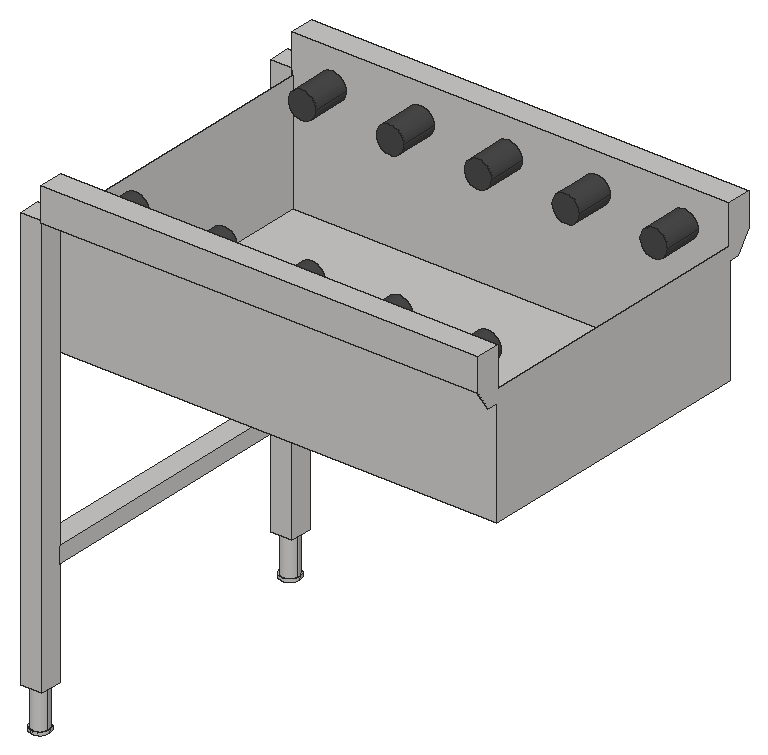
Revit family "QF_ELECTROLUXPROFESSIONAL_865210_HSSRDB8", category Specialty Equipment, Revit 2018
Family settings
  Round Connector Dimension = Use Diameter
  Part Type = Normal
  Work Plane-Based = No
  Always vertical = Yes
  Cut with Voids When Loaded = No
  Shared = No
  Room Calculation Point = No
Parameters
  Weight = 0.00 kg
  Watts = 0 W
  Volts = 0 V
  URL Manufacturer = "http://professional.electrolux.com/"
  URL = "http://professional.electrolux.com/"
  Steam Supply Size = 0 mm
  Steam Supply Minimum Pressure = 0.0 Pa
  Steam Supply Maximum Pressure = 0.0 Pa
  Steam Pounds per Hour = 0
  Refrigeration Suction Line Size = 0 mm
  Refrigeration Liquid Line Size = 0 mm
  Refrigerant Compressor Remote = yes
  Manufacturer = "Electrolux"
  Phase = 0
  Model = "HSSRDB8"
  Length Actual = 800 mm  # constant formula
  Item Number = "865210"
  Hot Water Size = 0 mm
  Height Actual = 910 mm  # constant formula
  HP = "0 HP"
  Gas Size = 0 mm
  Gas KW = 0
  Gas Input Pressure = 0 W
  Description = "SHORT ROLLER CONVEYOR WITH DEEP BASIN, L=800MM"
  Depth Actual = 620 mm  # constant formula
  Cycle = 0 Hz
  Condensate Return Size = 0 mm
  Compressed Air Volume = 0.0 L/s
  Compressed Air Size = 0 mm
  Compressed Air Pressure = 0.0 Pa
  Cold Water Size = 0 mm
  Accessory = yes
Reference planes
  plane 1 "Centro (Fronte/Retro)": y = 74.737
  plane 2: z = 0
  plane 3 "LEFT": x = -1038.761
  plane 4 "BACK": y = 384.737
  plane 5 "FRONT": y = -235.263
  plane 6: z = 910
  plane 7 "RIGHT": x = -238.761
Forms (mm)
  Extrusion 1, solid, material "QF_Finishes_Stainless Steel"
    sketch origin (0, 74.737, 0) x (1, 0, 0) y (0, 0, 1)
      loop
        line (-1079.929, 300) -> (-1079.929, 270) -> (-1039.929, 270) -> (-1039.929, 300) -> (-1079.929, 300)
    from -266.504 to 266.46
  Extrusion 2, solid, material "QF_Finishes_Stainless Steel"
    sketch origin (11.239, 0, 0) x (0, 1, 0) y (0, 0, 1)
      loop
        line (-235.263, 910) -> (-235.263, 850.033) -> (-190.242, 850.033) -> (-190.242, 910) -> (-235.263, 910)
      loop
        line (384.737, 910) -> (339.716, 910) -> (339.716, 850.033) -> (384.737, 850.033) -> (384.737, 910)
    from -1048.8 to -251.2
  Extrusion 3, solid, material "QF_Finishes_Stainless Steel"
    sketch origin (11.239, 0, 0) x (0, 1, 0) y (0, 0, 1)
      loop
        line (-191.727, 850.033) -> (-191.727, 618.033) -> (341.245, 618.033) -> (341.245, 850.033) -> (339.716, 850.033) -> (339.716, 621.033) -> (-190.242, 621.033) -> (-190.242, 850.033) -> (-191.727, 850.033)
    from -1048.8 to -251.2
  Extrusion 4, solid, material "QF_Finishes_Stainless Steel"
    sketch origin (1061.239, 723.253, 4000) x (0, 1, 0) y (0, 0, 1)
      loop
        line (-958.516, -3090) -> (-958.516, -3149.967) -> (-934.752, -3185.632) -> (-914.981, -3185.632) -> (-914.981, -3381.967) -> (-382.009, -3381.967) -> (-382.009, -3185.632) -> (-362.281, -3185.632) -> (-338.516, -3149.967) -> (-338.516, -3090) -> (-383.538, -3090) -> (-383.538, -3161.926) -> (-913.495, -3161.926) -> (-913.495, -3090) -> (-958.516, -3090)
    from -1300 to -1301.2
  Revolve 5, solid, material "QF_Finishes_Stainless Steel"
    sketch origin (-638.761, 0, 0) x (0, 1, 0) y (0, 0, 1)
      loop
        line (74.737, 618.033) -> (-1.756, 618.033) -> (-1.756, 601.823) -> (0.354, 601.823)
        arc (0.354, 601.823) -> (3.64, 597.973) -> (0.351, 594.125) r 3.897
        line (0.351, 594.125) -> (-1.756, 594.125) -> (-1.756, 551.31)
        arc (-1.756, 551.31) -> (8.91, 520.632) -> (36.296, 503.17) r 49.497
        line (36.296, 503.17) -> (36.296, 500.684) -> (37.487, 497.398) -> (51.25, 491.407) -> (51.25, 455.535) -> (52.727, 454.059) -> (74.737, 454.059) -> (74.737, 618.033)
      axis (74.737, 454.059) -> (74.737, 618.033)
    angle from 0 to 360
  Extrusion 6, solid, material "QF_Finishes_Stainless Steel"
    sketch origin (-537.561, 723.253, 4000) x (0, 1, 0) y (0, 0, 1)
      loop
        line (-958.516, -3090) -> (-958.516, -3149.967) -> (-914.981, -3149.967) -> (-914.981, -3381.967) -> (-382.009, -3381.967) -> (-382.009, -3149.967) -> (-338.516, -3149.967) -> (-338.516, -3090) -> (-383.538, -3090) -> (-383.538, -3161.926) -> (-913.495, -3161.926) -> (-913.495, -3090) -> (-958.516, -3090)
    from -500 to -501.2
  Extrusion 7, solid, material "QF_Finishes_Black"
    sketch origin (0, 74.737, 0) x (1, 0, 0) y (0, 0, -1)
      loop
        circle (-961.28, -850.115) r 25
      loop
        circle (-799.994, -850.115) r 25
      loop
        circle (-638.761, -850.115) r 25
      loop
        circle (-477.528, -850.115) r 25
      loop
        circle (-316.242, -850.115) r 25
    from 190.58 to 260.534
  Extrusion 8, solid, material "QF_Finishes_Black"
    sketch origin (0, 74.737, 0) x (1, 0, 0) y (0, 0, 1)
      loop
        circle (-961.28, 850.115) r 25
      loop
        circle (-799.994, 850.115) r 25
      loop
        circle (-638.761, 850.115) r 25
      loop
        circle (-477.528, 850.115) r 25
      loop
        circle (-316.242, 850.115) r 25
    from 190.58 to 260.534
Cuts and joins
  joined: Extrusion 2, Extrusion 3, Extrusion 4, Revolve 5, Extrusion 6
Lines and regions (mm)
  Split face 1
    outline origin (408.239, 339.716, 621.033) x (-1, 0, 0) y (0, -1, 0)
      loop
        circle (1047, 264.904) r 3.016
  Split face 2
    outline origin (408.239, 339.716, 621.033) x (-1, 0, 0) y (0, -1, 0)
      loop
        circle (1047, 264.904) r 52.991
  Split face 3
    outline origin (408.239, 339.716, 621.033) x (-1, 0, 0) y (0, -1, 0)
      loop
        circle (1047, 264.904) r 36.015
  Split face 4
    outline origin (408.239, 339.716, 621.033) x (-1, 0, 0) y (0, -1, 0)
      loop
        circle (1047, 264.904) r 26.027
  Split face 5
    outline origin (408.239, 339.716, 621.033) x (-1, 0, 0) y (0, -1, 0)
      loop
        circle (1047, 264.904) r 9.056
  Masking region 1
    outline origin (0, 0, 0) x (1, 0, 0) y (0, 1, 0)
      loop
        line (-1038.761, 384.737) -> (-1038.761, -235.263) -> (-238.761, -235.263) -> (-238.761, 384.737) -> (-1038.761, 384.737)
  symbolic lines
    curve 1: line (-238.761, 384.737, 0) -> (-1038.761, 384.737, 0)
    curve 2: line (-1038.761, 384.737, 0) -> (-1038.761, -235.263, 0)
    curve 3: line (-1038.761, 339.716, 0) -> (-238.761, 339.716, 0)
    curve 4: line (-1038.761, -235.263, 0) -> (-238.761, -235.263, 0)
    curve 5: line (-238.761, -235.263, 0) -> (-238.761, 384.737, 0)
    curve 6: line (-238.761, -190.242, 0) -> (-1038.761, -190.242, 0)
    curve 7: line (-936.28, 335.271, 0) -> (-986.28, 335.271, 0)
    curve 8: line (-986.28, 335.271, 0) -> (-986.28, 265.317, 0)
    curve 9: line (-986.28, 265.317, 0) -> (-936.28, 265.317, 0)
    curve 10: line (-936.28, 265.317, 0) -> (-936.28, 335.271, 0)
    curve 11: line (-774.994, 335.271, 0) -> (-824.994, 335.271, 0)
    curve 12: line (-824.994, 335.271, 0) -> (-824.994, 265.317, 0)
    curve 13: line (-824.994, 265.317, 0) -> (-774.994, 265.317, 0)
    curve 14: line (-774.994, 265.317, 0) -> (-774.994, 335.271, 0)
    curve 15: line (-613.761, 335.271, 0) -> (-663.761, 335.271, 0)
    curve 16: line (-663.761, 335.271, 0) -> (-663.761, 265.317, 0)
    curve 17: line (-663.761, 265.317, 0) -> (-613.761, 265.317, 0)
    curve 18: line (-613.761, 265.317, 0) -> (-613.761, 335.271, 0)
    curve 19: line (-452.528, 335.271, 0) -> (-502.528, 335.271, 0)
    curve 20: line (-502.528, 335.271, 0) -> (-502.528, 265.317, 0)
    curve 21: line (-502.528, 265.317, 0) -> (-452.528, 265.317, 0)
    curve 22: line (-452.528, 265.317, 0) -> (-452.528, 335.271, 0)
    curve 23: line (-291.242, 335.271, 0) -> (-341.242, 335.271, 0)
    curve 24: line (-341.242, 335.271, 0) -> (-341.242, 265.317, 0)
    curve 25: line (-341.242, 265.317, 0) -> (-291.242, 265.317, 0)
    curve 26: line (-291.242, 265.317, 0) -> (-291.242, 335.271, 0)
    curve 27: line (-936.28, -185.797, 0) -> (-986.28, -185.797, 0)
    curve 28: line (-986.28, -185.797, 0) -> (-986.28, -115.842, 0)
    curve 29: line (-986.28, -115.842, 0) -> (-936.28, -115.842, 0)
    curve 30: line (-936.28, -115.842, 0) -> (-936.28, -185.797, 0)
    curve 31: line (-774.994, -185.797, 0) -> (-824.994, -185.797, 0)
    curve 32: line (-824.994, -185.797, 0) -> (-824.994, -115.842, 0)
    curve 33: line (-824.994, -115.842, 0) -> (-774.994, -115.842, 0)
    curve 34: line (-774.994, -115.842, 0) -> (-774.994, -185.797, 0)
    curve 35: line (-613.761, -185.797, 0) -> (-663.761, -185.797, 0)
    curve 36: line (-663.761, -185.797, 0) -> (-663.761, -115.842, 0)
    curve 37: line (-663.761, -115.842, 0) -> (-613.761, -115.842, 0)
    curve 38: line (-613.761, -115.842, 0) -> (-613.761, -185.797, 0)
    curve 39: line (-452.528, -185.797, 0) -> (-502.528, -185.797, 0)
    curve 40: line (-502.528, -185.797, 0) -> (-502.528, -115.842, 0)
    curve 41: line (-502.528, -115.842, 0) -> (-452.528, -115.842, 0)
    curve 42: line (-452.528, -115.842, 0) -> (-452.528, -185.797, 0)
    curve 43: line (-291.242, -185.797, 0) -> (-341.242, -185.797, 0)
    curve 44: line (-341.242, -185.797, 0) -> (-341.242, -115.842, 0)
    curve 45: line (-341.242, -115.842, 0) -> (-291.242, -115.842, 0)
    curve 46: line (-291.242, -115.842, 0) -> (-291.242, -185.797, 0)
    curve 47: line (-238.761, 74.737, 0) -> (-268.761, 74.737, 0)
    curve 48: line (-1038.761, 74.737, 0) -> (-1008.761, 74.737, 0)
    curve 49: arc (-638.761, 151.231, 0) -> (-562.267, 74.737, 0) -> (-638.761, -1.756, 0) r 76.494
    curve 50: arc (-638.761, -1.756, 0) -> (-715.254, 74.737, 0) -> (-638.761, 151.231, 0) r 76.494
    curve 51: arc (-638.761, 96.747, 0) -> (-660.771, 74.737, 0) -> (-638.761, 52.727, 0) r 22.01
    curve 52: arc (-638.761, 52.727, 0) -> (-616.751, 74.737, 0) -> (-638.761, 96.747, 0) r 22.01
Dimensions and locks
  plane 3 "LEFT" to plane 7 "RIGHT" = 800 mm
  equal spacing: plane 4 "BACK", plane 1 "Centro (Fronte/Retro)", plane 5 "FRONT"
  plane 4 "BACK" to plane 5 "FRONT" = 620 mm
  aligned and locked: level to plane 2
Automatic sketch dimensions
  Extrusion 1 sketch curve to plane 3 "LEFT" = 41.168 mm
  Extrusion 1 sketch curve to plane 3 "LEFT" = 1.168 mm
  level to Extrusion 1 sketch curve = 270 mm
  Extrusion 1 sketch curve to Extrusion 1 sketch curve = 30 mm
  Extrusion 2 sketch curve to plane 5 "FRONT" = 0 mm
  Extrusion 2 sketch curve to plane 6 = 0 mm  (x2)
  Extrusion 2 sketch curve to plane 4 "BACK" = 0 mm
  plane 5 "FRONT" to Extrusion 2 sketch curve = 45.021 mm
  Extrusion 2 sketch curve to plane 4 "BACK" = 45.021 mm
  Extrusion 2 sketch curve to Extrusion 2 sketch curve = 59.967 mm  (x2)
  plane 5 "FRONT" to Extrusion 3 sketch curve = 43.536 mm
  Extrusion 3 sketch curve to Extrusion 3 sketch curve = 1.486 mm
  Extrusion 3 sketch curve to plane 4 "BACK" = 45.021 mm
  Extrusion 3 sketch curve to Extrusion 3 sketch curve = 1.529 mm
  Extrusion 3 sketch curve to plane 6 = 291.967 mm
  Extrusion 3 sketch curve to Extrusion 3 sketch curve = 3 mm
  Extrusion 3 sketch curve to plane 6 = 59.967 mm  (x2)
  Extrusion 4 sketch curve to plane 5 "FRONT" = 0 mm
  Extrusion 4 sketch curve to plane 6 = 0 mm  (x2)
  Extrusion 4 sketch curve to plane 4 "BACK" = 0 mm
  plane 5 "FRONT" to Extrusion 4 sketch curve = 23.764 mm
  plane 5 "FRONT" to Extrusion 4 sketch curve = 43.536 mm
  plane 5 "FRONT" to Extrusion 4 sketch curve = 45.021 mm
  Extrusion 4 sketch curve to plane 4 "BACK" = 45.021 mm
  Extrusion 4 sketch curve to plane 4 "BACK" = 43.492 mm
  Extrusion 4 sketch curve to Extrusion 4 sketch curve = 19.728 mm
  Extrusion 4 sketch curve to Extrusion 4 sketch curve = 59.967 mm  (x2)
  Extrusion 4 sketch curve to Extrusion 4 sketch curve = 11.959 mm
  Extrusion 4 sketch curve to Extrusion 4 sketch curve = 23.706 mm  (x2)
  Extrusion 4 sketch curve to Extrusion 4 sketch curve = 196.335 mm
  Revolve 5 sketch curve to plane 1 "Centro (Fronte/Retro)" = 0 mm  (x2)
  plane 1 "Centro (Fronte/Retro)" to Revolve 5 sketch curve = 22.01 mm
  plane 1 "Centro (Fronte/Retro)" to Revolve 5 sketch curve = 23.487 mm
  plane 1 "Centro (Fronte/Retro)" to Revolve 5 sketch curve = 26.996 mm
  Revolve 5 sketch curve to Revolve 5 sketch curve = 13.764 mm
  Revolve 5 sketch curve to Revolve 5 sketch curve = 1.191 mm
  Revolve 5 sketch curve to Revolve 5 sketch curve = 47.387 mm
  Revolve 5 sketch curve to Revolve 5 sketch curve = 0.003 mm
  Revolve 5 sketch curve to Revolve 5 sketch curve = 0.61 mm
  Revolve 5 sketch curve to Revolve 5 sketch curve = 2.107 mm
  Revolve 5 sketch curve to Revolve 5 sketch curve = 2.11 mm
  level to Revolve 5 sketch curve = 454.059 mm
  Revolve 5 sketch curve to Revolve 5 sketch curve = 1.476 mm
  Revolve 5 sketch curve to Revolve 5 sketch curve = 35.872 mm
  Revolve 5 sketch curve to Revolve 5 sketch curve = 5.991 mm
  Revolve 5 sketch curve to Revolve 5 sketch curve = 3.286 mm
  Revolve 5 sketch curve to Revolve 5 sketch curve = 2.486 mm
  Revolve 5 sketch curve to Revolve 5 sketch curve = 48.139 mm
  Revolve 5 sketch curve to Revolve 5 sketch curve = 42.815 mm
  Revolve 5 sketch curve to Revolve 5 sketch curve = 3.849 mm
  Revolve 5 sketch curve to Revolve 5 sketch curve = 66.706 mm
  Revolve 5 sketch curve to Revolve 5 sketch curve = 3 mm
  Revolve 5 sketch curve to Revolve 5 sketch curve = 14.991 mm
  cut or joined group of Extrusion 2, Extrusion 3, Extrusion 4, Revolve 5, Extrusion 6 to Split face 1 sketch curve = 398.8 mm
  cut or joined group of Extrusion 2, Extrusion 3, Extrusion 4, Revolve 5, Extrusion 6 to Split face 1 sketch curve = 264.904 mm
  cut or joined group of Extrusion 2, Extrusion 3, Extrusion 4, Revolve 5, Extrusion 6 to Split face 2 sketch curve = 398.8 mm
  cut or joined group of Extrusion 2, Extrusion 3, Extrusion 4, Revolve 5, Extrusion 6 to Split face 2 sketch curve = 264.904 mm
  cut or joined group of Extrusion 2, Extrusion 3, Extrusion 4, Revolve 5, Extrusion 6 to Split face 3 sketch curve = 398.8 mm
  cut or joined group of Extrusion 2, Extrusion 3, Extrusion 4, Revolve 5, Extrusion 6 to Split face 3 sketch curve = 264.904 mm
  cut or joined group of Extrusion 2, Extrusion 3, Extrusion 4, Revolve 5, Extrusion 6 to Split face 4 sketch curve = 398.8 mm
  cut or joined group of Extrusion 2, Extrusion 3, Extrusion 4, Revolve 5, Extrusion 6 to Split face 4 sketch curve = 264.904 mm
  cut or joined group of Extrusion 2, Extrusion 3, Extrusion 4, Revolve 5, Extrusion 6 to Split face 5 sketch curve = 398.8 mm
  cut or joined group of Extrusion 2, Extrusion 3, Extrusion 4, Revolve 5, Extrusion 6 to Split face 5 sketch curve = 264.904 mm
  Masking region 1 sketch curve to plane 3 "LEFT" = 0 mm
  Masking region 1 sketch curve to plane 5 "FRONT" = 0 mm
  Masking region 1 sketch curve to plane 7 "RIGHT" = 0 mm
  Masking region 1 sketch curve to plane 4 "BACK" = 0 mm
  Extrusion 6 sketch curve to plane 5 "FRONT" = 0 mm
  Extrusion 6 sketch curve to plane 6 = 0 mm  (x2)
  Extrusion 6 sketch curve to plane 4 "BACK" = 0 mm
  plane 5 "FRONT" to Extrusion 6 sketch curve = 43.536 mm
  plane 5 "FRONT" to Extrusion 6 sketch curve = 45.021 mm
  Extrusion 6 sketch curve to plane 4 "BACK" = 45.021 mm
  Extrusion 6 sketch curve to plane 4 "BACK" = 43.492 mm
  Extrusion 6 sketch curve to Extrusion 6 sketch curve = 59.967 mm  (x2)
  Extrusion 6 sketch curve to Extrusion 6 sketch curve = 11.959 mm
  Extrusion 6 sketch curve to Extrusion 6 sketch curve = 220.041 mm
  plane 3 "LEFT" to Extrusion 7 sketch curve = 77.481 mm
  Extrusion 7 sketch curve to plane 6 = 59.885 mm  (x5)
  Extrusion 7 sketch curve to Extrusion 7 sketch curve = 161.286 mm
  Extrusion 7 sketch curve to Extrusion 7 sketch curve = 161.233 mm  (x2)
  Extrusion 7 sketch curve to plane 7 "RIGHT" = 77.481 mm
  plane 3 "LEFT" to Extrusion 8 sketch curve = 77.481 mm
  Extrusion 8 sketch curve to plane 6 = 59.885 mm  (x5)
  Extrusion 8 sketch curve to Extrusion 8 sketch curve = 161.286 mm
  Extrusion 8 sketch curve to Extrusion 8 sketch curve = 161.233 mm  (x2)
  Extrusion 8 sketch curve to plane 7 "RIGHT" = 77.481 mm
  plane 1 "Centro (Fronte/Retro)" to curve 48 = 0 mm
  curve 48 to plane 3 "LEFT" = 0 mm
  plane 1 "Centro (Fronte/Retro)" to curve 47 = 0 mm
  curve 4 to plane 5 "FRONT" = 0 mm
  curve 4 to plane 7 "RIGHT" = 0 mm
  curve 2 to plane 4 "BACK" = 0 mm
  plane 3 "LEFT" to curve 7 = 52.481 mm
  plane 3 "LEFT" to curve 27 = 52.481 mm
  curve 27 to curve 27 = 50 mm
  curve 7 to curve 7 = 50 mm
  curve 29 to curve 32 = 111.286 mm
  curve 11 to plane 4 "BACK" = 49.466 mm
  curve 7 to curve 11 = 111.286 mm
  curve 12 to curve 13 = 50 mm
  curve 32 to curve 33 = 50 mm
  curve 33 to curve 36 = 111.233 mm
  curve 15 to plane 4 "BACK" = 49.466 mm
  curve 11 to curve 15 = 111.233 mm
  curve 15 to curve 18 = 50 mm
  curve 36 to curve 38 = 50 mm
  plane 5 "FRONT" to curve 39 = 49.466 mm
  curve 35 to curve 39 = 111.233 mm
  curve 17 to curve 21 = 111.233 mm
  curve 19 to curve 19 = 50 mm
  curve 40 to curve 42 = 50 mm
  curve 23 to plane 4 "BACK" = 49.466 mm
  curve 23 to plane 7 "RIGHT" = 102.481 mm
  plane 5 "FRONT" to curve 43 = 49.466 mm
  curve 43 to plane 7 "RIGHT" = 102.481 mm
  curve 24 to curve 26 = 50 mm
  curve 44 to curve 45 = 50 mm
  plane 5 "FRONT" to curve 31 = 49.466 mm
  plane 5 "FRONT" to curve 27 = 49.466 mm
  plane 5 "FRONT" to curve 38 = 49.466 mm
  curve 35 to curve 36 = 69.954 mm
  curve 39 to curve 40 = 69.954 mm
  curve 31 to curve 34 = 69.954 mm
  curve 27 to curve 28 = 69.954 mm
  curve 43 to curve 44 = 69.954 mm
  curve 21 to plane 4 "BACK" = 119.42 mm
  curve 18 to curve 15 = 69.954 mm
  curve 10 to plane 4 "BACK" = 119.42 mm
  curve 24 to curve 23 = 69.954 mm
  curve 14 to curve 11 = 69.954 mm
  curve 22 to plane 4 "BACK" = 49.466 mm
  curve 10 to plane 4 "BACK" = 49.466 mm
  plane 3 "LEFT" to curve 48 = 30 mm
  curve 47 to plane 7 "RIGHT" = 30 mm
  plane 5 "FRONT" to curve 6 = 45.021 mm
  plane 1 "Centro (Fronte/Retro)" to curve 50 = 0 mm
  curve 16 to curve 50 = 25 mm
  plane 1 "Centro (Fronte/Retro)" to curve 50 = 76.494 mm
  curve 49 to curve 51 = 0 mm  (x2)
  plane 1 "Centro (Fronte/Retro)" to curve 52 = 22.01 mm
  curve 3 to curve 1 = 45.021 mm
  radius of Split face 1 sketch curve = 3.016 mm
  radius of Split face 2 sketch curve = 52.991 mm
  radius of Split face 3 sketch curve = 36.015 mm
  radius of Split face 4 sketch curve = 26.027 mm
  radius of Split face 5 sketch curve = 9.056 mm
  radius of Extrusion 7 sketch curve = 25 mm  (x5)
  radius of Extrusion 8 sketch curve = 25 mm  (x5)
Nested families
  nested 1: "Foot_40x40" at (-1059.929, 361.245, 0), type "Foot_40x40"
    with A 850.033 mm
  nested 2: "Foot_40x40" at (-1059.929, -211.771, 0), type "Foot_40x40"
    with A 850.033 mm
Connectors
  piping at (-638.761, 74.737, 454.059), diameter 30
    settings: on cut or joined group of Extrusion 2, Extrusion 3, Extrusion 4, Revolve 5, Extrusion 6, index 1, connector inside diameter 609.6 mm, connector length 0 mm, flow factor 0, pipe flow 0.0 L/s, pressure drop 0.0 Pa, fitting loss kfactor 0, connector angle 0.00°, fixture units 0, engagement length 0 mm, angle of deflection 0.00°, flow configuration 1, flow direction 2, fitting loss method 0, system type 16, joint type 0, gender type 0, connector reference index -1, connector utility 0, adjustable connector no, is connector primary yes, connector description "Drain"
Definition of nested family "Foot_40x40"
  Parameters
    A [instance] = 850 mm
  Reference planes
    plane 1 "Centro (Fronte/Retro)": y = 0
    plane 2: z = 0
    plane 3 "Centro (Sinistra/Destra)": x = 0
    plane 4: z = 850
  Forms (mm)
    Extrusion 1, solid
      sketch origin (0, 0, 0) x (1, 0, 0) y (0, 1, 0)
        loop
          circle (0, 0) r 18
      from 0 to 5
    Extrusion 2, solid
      sketch origin (0, 0, 5) x (1, 0, 0) y (0, 1, 0)
        loop
          circle (0, 0) r 15
      from 0 to 70
    Extrusion 3, solid
      sketch origin (0, 0, 75) x (1, 0, 0) y (0, 1, 0)
        loop
          line (-20, 20) -> (-20, -20) -> (20, -20) -> (20, 20) -> (-20, 20)
      from 0 to 775
  Dimensions and locks
    "A": plane 4 to plane 2
    aligned and locked: level to plane 2
    aligned and locked: plane 4 to Extrusion 3
    aligned and locked: Extrusion 1 to level
  Automatic sketch dimensions
    plane 1 "Centro (Fronte/Retro)" to Extrusion 1 sketch curve = 0 mm
    Extrusion 1 sketch curve to plane 3 "Centro (Sinistra/Destra)" = 0 mm
    Extrusion 3 sketch curve to Extrusion 3 sketch curve = 40 mm  (x2)
    radius of Extrusion 1 sketch curve = 18 mm
    radius of Extrusion 2 sketch curve to Extrusion 1 = 3 mm
